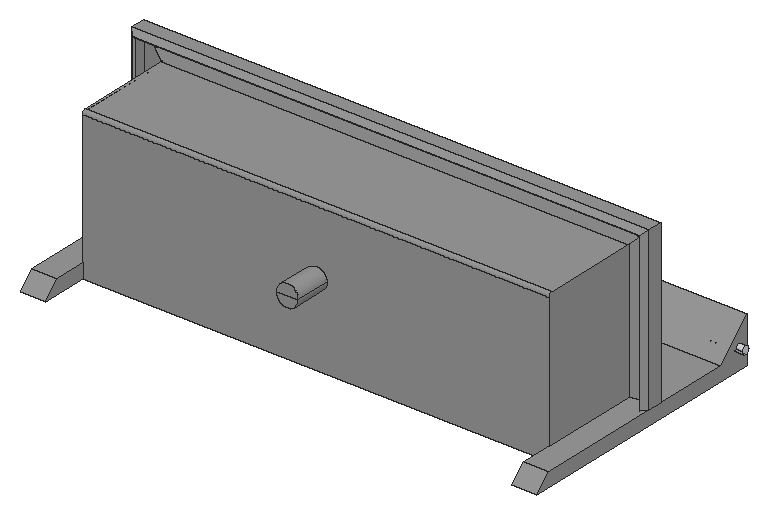
Revit family "Urinal-Willoughby-1800-UW-FA-RS", category Plumbing Fixtures, Revit 2015
Parameters (values of type "1836")
  Width = 3' - 0"
  Waste DIA = 1 1/2"
  Waste Connection = yes
  Vent Connection = no
  URL = "willoughby-ind.com"
  Trough Width = Width - 0' 3 1/2"  # 2' - 8 1/2"
  Revision = "A"
  Model = "UW-1836-FA-RS"
  Manufacturer = "Willoughby Industries"
  Half Width = Width / 2  # 1' - 6"
  HW Connection = no
  Fixture Body = Stainless Steel AISI 304-Willoughby(3)
  Description = "36\" Trough Urinal Right Spud"
  Default Elevation = 0' - 0"
  Contact = "800-428-4065"
  CW inlet Diameter = 3/4"
  CW Connection = yes
  96" = no
  72" = no
  60" = no
  48" = no
  36" = yes
Types (6): name | Width | Trough Width | Model | Half Width | Fixture Body | Description | CW inlet Diameter | 96" | 72" | 60" | 48" | 36"
  (no name) | 3' - 0" | 2' - 8 1/2" | "UW-1836-FA-RS" | 1' - 6" | Stainless Steel AISI 304-Willoughby(3) | "36\" Trough Urinal Right Spud" | 3/4" | no | no | no | no | yes
  1848 | 4' - 0" | 3' - 8 1/2" | "UW-1836-FA-RS" | 2' - 0" | Stainless Steel AISI 304-Willoughby(2) | "48\" Trough Urinal Right Spud" | 3/4" | no | no | no | yes | no
  1836 | 3' - 0" | 2' - 8 1/2" | "UW-1836-FA-RS" | 1' - 6" | Stainless Steel AISI 304-Willoughby(3) | "36\" Trough Urinal Right Spud" | 3/4" | no | no | no | no | yes
  1860 | 5' - 0" | 4' - 8 1/2" | "UW-1836-FA-RS" | 2' - 6" | Stainless Steel AISI 304-Willoughby(1) | "60\" Trough Urinal Right Spud" | 3/4" | no | no | yes | no | no
  1872 | 6' - 0" | 5' - 8 1/2" | "UW-1836-FA-RS" | 3' - 0" | Stainless Steel AISI 304-Willoughby | "72\" Trough Urinal Right Spud" | 1 1/2" | no | yes | no | no | no
  1896 | 8' - 0" | 7' - 8 1/2" | "UW-1836-FA-TS-RS" | 4' - 0" | Stainless Steel AISI 304-Willoughby(4) | "96\" Trough Urinal Right Spud" | 1 1/2" | yes | no | no | no | no
Reference planes (in)
  plane 1 "Center (Front/Back)Floor Level": y = 0
  plane 2: z = 0
  plane 3 "Center (Left/Right)": x = 0
  plane 4 "Top Of Urinal": y = 20
  plane 5 "Top Of Unit": y = 28
  plane 6 "Botto Of Unit": y = 13
  plane 7 "Left extent": x = -18
  plane 8 "Right Extent": x = 18
  plane 9: z = 10.5
  plane 10: x = 16.25
  plane 11: x = -16.25
  plane 12 "Drain Center": z = 5.75
  plane 13 "top spud": z = 2.5
  plane 14: x = -16.15625
  plane 15: x = 19
Forms (in)
  Extrusion 1, solid, material "Stainless Steel AISI 304-Willoughby(3)" <- "Fixture Body"
    sketch origin (0, 0, 0) x (0, 1, 0) y (0, 0, 1)
      loop
        line (13, 0) -> (28, 0) -> (28, 3.25) -> (25.75, 1) -> (13, 1) -> (13, 0)
    from -18 to 18
  Extrusion 2, solid, material "Stainless Steel AISI 304-Willoughby(3)" <- "Fixture Body"
    sketch origin (0, 0, 0) x (0, 1, 0) y (0, 0, 1)
      loop
        line (20, 1) -> (20, 10.5) -> (13.25, 10.5)
        arc (13.25, 10.5) -> (13.07322, 10.42678) -> (13, 10.25) r 0.25
        line (13, 10.25) -> (13, 1) -> (20, 1)
    from -16.25 to 16.25
  Sweep 3, solid, material "Stainless Steel AISI 304-Willoughby(3)" <- "Fixture Body", detail levels medium+fine
    path origin (0, 20, 0) x (-1, 0, 0) y (0, 0, 1)
      loop
        line (-16.25, 1) -> (-16.25, 10.5) -> (16.25, 10.5) -> (16.25, 1)
    profile origin (16.25, 20, 5.75) x (1, 0, 0) y (0, 1, 0)
      loop
        line (0, 0) -> (0, -0.09706) -> (1.65625, 0.34673) -> (1.65625, -0.49226) -> (1.33016, -0.81835) -> (1.39645, -0.88464) -> (1.75, -0.53109) -> (1.75, 0.46891) -> (0, 0)
  Extrusion 4, void
    sketch origin (0, 0, 0) x (0, 1, 0) y (0, 0, 1)
      loop
        line (20, 10.45984) -> (13.36653, 10.45984)
        arc (13.36653, 10.45984) -> (13.18975, 10.38661) -> (13.11653, 10.20984) r 0.25
        line (13.11653, 10.20984) -> (13.11653, 1.06937) -> (20, 1.06937) -> (20, 10.45984)
    from -16.15625 to 16.1513
  Revolve 5, solid, material "Stainless Steel AISI 304-Willoughby(3)" <- "Fixture Body", detail levels medium+fine
    sketch origin (0, 0, 5.75) x (1, 0, 0) y (0, 1, 0)
      loop
        line (0, 13.11653) -> (0, 10.5) -> (0.75, 10.5) -> (0.75, 13.11653) -> (0, 13.11653)
      axis (0, 13.11653) -> (0, 10.5)
    angle from 0 to 360
  Extrusion 6, solid, material "Stainless Steel AISI 304-Willoughby(3)" <- "Fixture Body"
    sketch origin (0, 0, 0) x (0, 1, 0) y (0, 0, 1)
      loop
        line (13, 0) -> (13, 1) -> (10.75, 1) -> (9.75, 0) -> (13, 0)
    from -18 to -16.25
  Extrusion 7, solid, material "Stainless Steel AISI 304-Willoughby(3)" <- "Fixture Body"
    sketch origin (0, 0, 0) x (0, 1, 0) y (0, 0, 1)
      loop
        line (13, 1) -> (10.75, 1) -> (9.75, 0) -> (13, 0) -> (13, 1)
    from 16.25 to 18
  Extrusion 8, solid
    sketch origin (0, 0, 0) x (0, 1, 0) y (0, 0, 1)
      loop
        circle (27.25, 1.5) r 0.25
    from 16 to 18.49951
Cuts and joins
  Extrusion 4 cuts Extrusion 2
  joined: Extrusion 1, Extrusion 2, Extrusion 6, Extrusion 7
  Extrusion 4 cuts Sweep 3
Lines and regions (in)
  symbolic lines
    curve 1: line (-16.25, 9.75, 2.5) -> (-18, 9.75, 2.5)
    curve 2: line (-18, 9.75, 2.5) -> (-18, 28, 2.5)
    curve 3: line (-18, 28, 2.5) -> (18, 28, 2.5)
    curve 4: line (18, 28, 2.5) -> (18, 9.75, 2.5)
    curve 5: line (18, 9.75, 2.5) -> (16.25, 9.75, 2.5)
    curve 6: line (16.25, 9.75, 2.5) -> (16.25, 13, 2.5)
    curve 7: line (16.25, 13, 2.5) -> (-16.25, 13, 2.5)
    curve 8: line (-16.25, 13, 2.5) -> (-16.25, 20, 2.5)
    curve 9: line (-16.25, 20, 2.5) -> (16.25, 20, 2.5)
    curve 10: line (16.25, 20, 2.5) -> (16.25, 13, 2.5)
    curve 17: line (-16.25, 13, 2.5) -> (-16.25, 9.75, 2.5)
    curve 20: line (-18, 20, 0) -> (18, 20, 0)
    curve 21: line (18, 20, 0) -> (18, 20, 12.25)
    curve 22: line (18, 20, 12.25) -> (-18, 20, 12.25)
    curve 23: line (-18, 20, 12.25) -> (-18, 20, 0)
    curve 29: line (0, 9.75, 0) -> (0, 28, 0)
    curve 30: line (0, 28, 0) -> (0, 28, 3.25)
    curve 31: line (0, 28, 3.25) -> (0, 25.75, 1)
    curve 32: line (0, 25.75, 1) -> (0, 10.75, 1)
    curve 33: line (0, 10.75, 1) -> (0, 9.75, 0)
    curve 34: line (0, 20, 1) -> (0, 20, 10.5)
    curve 35: line (0, 20, 10.5) -> (0, 13.25, 10.5)
    curve 36: arc (0, 13.25, 10.5) -> (0, 13.07322, 10.42678) -> (0, 13, 10.25) r 0.25
    curve 37: line (0, 13, 10.25) -> (0, 13, 1)
  symbolic lines, detail levels fine
    curve 11: line (-17.64645, 19.11536, 2.5) -> (17.64645, 19.11536, 2.5)
    curve 12: line (17.64645, 19.11536, 2.5) -> (18, 19.46891, 2.5)
    curve 13: line (18, 20.46891, 2.5) -> (16.25, 20, 2.5)
    curve 14: line (-17.64645, 19.11536, 2.5) -> (-18, 19.46891, 2.5)
    curve 26: line (-16.25, 20, 1) -> (-16.25, 20, 10.5)
    curve 27: line (-16.25, 20, 10.5) -> (16.25, 20, 10.5)
    curve 28: line (16.25, 20, 10.5) -> (16.25, 20, 1)
    curve 42: line (0, 20.46891, 12.25) -> (0, 20, 10.5)
    curve 43: line (0, 19.46891, 12.25) -> (0, 19.46891, 1)
  symbolic lines, detail levels medium+fine
    curve 15: line (-18, 20.46891, 2.5) -> (18, 20.46891, 2.5)
    curve 16: line (-18, 25.75, 2.5) -> (18, 25.75, 2.5)
    curve 18: line (-16.25, 10.75, 2.5) -> (-18, 10.75, 2.5)
    curve 19: line (16.25, 10.75, 2.5) -> (18, 10.75, 2.5)
    curve 24: line (-18, 20, 1) -> (18, 20, 1)
    curve 25: line (18, 20, 3.25) -> (-18, 20, 3.25)
    curve 38: line (0, 20.46891, 1) -> (0, 20.46891, 12.25)
    curve 39: line (0, 20.46891, 12.25) -> (0, 19.46891, 12.25)
    curve 40: line (0, 19.46891, 12.25) -> (0, 19.11536, 11.89645)
    curve 41: line (0, 19.11536, 11.89645) -> (0, 19.11536, 1)
Dimensions and locks (in)
  "Width": plane 7 "Left extent" to plane 8 "Right Extent"
  equal spacing: plane 7 "Left extent", plane 3 "Center (Left/Right)", plane 8 "Right Extent"
  plane 3 "Center (Left/Right)" to plane 8 "Right Extent" = 1' - 6"
  "Trough Width": plane 11 to plane 10
  equal spacing: plane 11, plane 3 "Center (Left/Right)", plane 10
  cut or joined group of Extrusion 1, Extrusion 2, Extrusion 4, Extrusion 6, Extrusion 7 to cut or joined group of Extrusion 1, Extrusion 2, Extrusion 4, Extrusion 6, Extrusion 7 = 0' - 1 3/4"
  locked: cut or joined group of Extrusion 1, Extrusion 2, Extrusion 4, Extrusion 6, Extrusion 7 to cut or joined group of Extrusion 1, Extrusion 2, Extrusion 4, Extrusion 6, Extrusion 7 at 0.0987
  plane 13 "top spud" to cut or joined group of Extrusion 1, Extrusion 2, Extrusion 4, Extrusion 6, Extrusion 7 = 0' - 0 3/4"
  cut or joined group of Extrusion 1, Extrusion 2, Extrusion 4, Extrusion 6, Extrusion 7 to cut or joined group of Extrusion 1, Extrusion 2, Extrusion 4, Extrusion 6, Extrusion 7 = 0' - 1 27/32"
  plane 11 to plane 14 = 0' - 0 3/32"
  locked: plane 8 "Right Extent" to plane 15 at 1
  diameter of Extrusion 8 sketch curve = 0' - 0 1/2"
  aligned and locked: Extrusion 1 to level
  aligned and locked: plane 5 "Top Of Unit" to Extrusion 1
  aligned and locked: Extrusion 1 to plane 6 "Botto Of Unit"
  aligned and locked: Extrusion 1 to plane 8 "Right Extent"
  aligned and locked: plane 7 "Left extent" to Extrusion 1
  aligned and locked: plane 9 to Extrusion 2
  aligned and locked: plane 4 "Top Of Urinal" to Extrusion 2
  aligned and locked: Extrusion 2 to Extrusion 1
  aligned and locked: Extrusion 2 to plane 6 "Botto Of Unit"
  aligned and locked: plane 10 to Extrusion 2
  aligned and locked: Extrusion 2 to plane 11
  aligned and locked: plane 4 "Top Of Urinal" to Extrusion 4
  aligned and locked: Extrusion 2 to cut or joined group of Sweep 3, Extrusion 4  (x2)
  aligned and locked: cut or joined group of Extrusion 1, Extrusion 2, Extrusion 4, Extrusion 6, Extrusion 7 to Revolve 5 sketch curve
  aligned and locked: Revolve 5 sketch curve to Revolve 5 sketch curve  (x2)
  aligned and locked: Extrusion 6 to level
  aligned and locked: plane 6 "Botto Of Unit" to Extrusion 6
  aligned and locked: Extrusion 6 to cut or joined group of Extrusion 1, Extrusion 2, Extrusion 4, Extrusion 6, Extrusion 7
  aligned and locked: plane 11 to Extrusion 6
  aligned and locked: plane 7 "Left extent" to Extrusion 6
  aligned and locked: Extrusion 7 to plane 8 "Right Extent"
  aligned and locked: Extrusion 7 to plane 10
  aligned and locked: curve 16 to cut or joined group of Extrusion 1, Extrusion 2, Extrusion 4, Extrusion 6, Extrusion 7
  aligned and locked: Extrusion 4 to plane 14
Automatic sketch dimensions
  Extrusion 1 sketch curve to level = 0' - 0"
  Extrusion 1 sketch curve to plane 6 "Botto Of Unit" = 0' - 0"
  Extrusion 1 sketch curve to plane 5 "Top Of Unit" = 0' - 0"
  level to Extrusion 1 sketch curve = 0' - 1"
  Extrusion 1 sketch curve to plane 5 "Top Of Unit" = 0' - 2 1/4"
  Extrusion 1 sketch curve to Extrusion 1 sketch curve = 0' - 2 1/4"
  Extrusion 2 sketch curve to plane 6 "Botto Of Unit" = 0' - 0"
  Extrusion 2 sketch curve to plane 9 = 0' - 0"
  Extrusion 2 sketch curve to plane 4 "Top Of Urinal" = 0' - 0"
  plane 6 "Botto Of Unit" to Extrusion 2 sketch curve = 0' - 0 1/4"
  level to Extrusion 2 sketch curve = 0' - 1"
  Sweep 3 sketch curve to plane 10 = 0' - 0"
  Sweep 3 sketch curve to plane 9 = 0' - 0"
  Sweep 3 sketch curve to plane 11 = 0' - 0"
  level to Sweep 3 sketch curve = 0' - 1"  (x2)
  Sweep 3 sketch curve to profile plane = 0' - 0"
  Sweep 3 sketch curve to plane 4 "Top Of Urinal" = 0' - 0"
  Sweep 3 sketch curve to profile plane = 0' - 1.33016"
  Sweep 3 sketch curve to plane 4 "Top Of Urinal" = 0' - 0.88464"
  Sweep 3 sketch curve to Sweep 3 sketch curve = 0' - 0.06629"
  plane 4 "Top Of Urinal" to Sweep 3 sketch curve = 0' - 0.34673"
  Sweep 3 sketch curve to Sweep 3 sketch curve = 0' - 0.32609"
  Sweep 3 sketch curve to plane 4 "Top Of Urinal" = 0' - 0.53109"
  Sweep 3 sketch curve to Sweep 3 sketch curve = 0' - 0 3/32"
  Sweep 3 sketch curve to Sweep 3 sketch curve = 0' - 0.12218"
  Sweep 3 sketch curve to Sweep 3 sketch curve = 0' - 0.09706"
  Extrusion 4 sketch curve to plane 4 "Top Of Urinal" = 0' - 0"
  plane 6 "Botto Of Unit" to Extrusion 4 sketch curve = 0' - 0.36653"
  plane 6 "Botto Of Unit" to Extrusion 4 sketch curve = 0' - 0.11653"
  level to Extrusion 4 sketch curve = 0' - 1.06937"
  Extrusion 4 sketch curve to plane 9 = 0' - 0.29016"
  Revolve 5 sketch curve to plane 3 "Center (Left/Right)" = 0' - 0"
  Revolve 5 sketch curve to Revolve 5 sketch curve = 0' - 0 3/4"
  Revolve 5 sketch curve to plane 6 "Botto Of Unit" = 0' - 2 1/2"
  Revolve 5 sketch curve to Revolve 5 sketch curve = 0' - 0"
  Extrusion 6 sketch curve to level = 0' - 0"
  Extrusion 6 sketch curve to plane 6 "Botto Of Unit" = 0' - 0"
  level to Extrusion 6 sketch curve = 0' - 1"
  Extrusion 6 sketch curve to plane 6 "Botto Of Unit" = 0' - 2 1/4"
  Extrusion 6 sketch curve to Extrusion 6 sketch curve = 0' - 1"
  Extrusion 7 sketch curve to level = 0' - 0"
  Extrusion 7 sketch curve to plane 6 "Botto Of Unit" = 0' - 0"
  Extrusion 7 sketch curve to Extrusion 7 sketch curve = 0' - 1"  (x2)
  Extrusion 7 sketch curve to plane 6 "Botto Of Unit" = 0' - 2 1/4"
  curve 18 to plane 7 "Left extent" = 0' - 0"
  curve 17 to plane 6 "Botto Of Unit" = 0' - 0"
  curve 17 to plane 11 = 0' - 0"
  curve 10 to plane 4 "Top Of Urinal" = 0' - 0"
  curve 19 to plane 10 = 0' - 0"
  curve 15 to plane 8 "Right Extent" = 0' - 0"
  curve 3 to plane 5 "Top Of Unit" = 0' - 0"
  curve 14 to plane 7 "Left extent" = 0' - 0.35355"
  plane 8 "Right Extent" to curve 12 = 0' - 0.35355"
  curve 4 to plane 6 "Botto Of Unit" = 0' - 3 1/4"
  curve 17 to curve 7 = 0' - 3 1/4"
  curve 14 to plane 4 "Top Of Urinal" = 0' - 0.88464"
  plane 4 "Top Of Urinal" to curve 15 = 0' - 0.46891"
  curve 4 to curve 19 = 0' - 1"
  curve 1 to curve 18 = 0' - 1"
  curve 11 to curve 12 = 0' - 0.35355"
  curve 11 to curve 14 = 0' - 0.35355"
  curve 20 to level = 0' - 0"
  plane 8 "Right Extent" to curve 20 = 0' - 0"
  curve 28 to plane 9 = 0' - 0"
  curve 28 to plane 10 = 0' - 0"
  curve 27 to plane 11 = 0' - 0"
  plane 7 "Left extent" to curve 24 = 0' - 0"
  plane 9 to curve 22 = 0' - 1 3/4"
  level to curve 24 = 0' - 1"
  plane 13 "top spud" to curve 25 = 0' - 0 3/4"
  curve 29 to level = 0' - 0"
  curve 37 to plane 6 "Botto Of Unit" = 0' - 0"
  curve 35 to plane 9 = 0' - 0"
  curve 34 to plane 4 "Top Of Urinal" = 0' - 0"
  curve 29 to plane 5 "Top Of Unit" = 0' - 0"
  level to curve 32 = 0' - 1"
  curve 32 to plane 6 "Botto Of Unit" = 0' - 2 1/4"
  curve 33 to curve 32 = 0' - 1"
  plane 6 "Botto Of Unit" to curve 35 = 0' - 0 1/4"
  curve 41 to plane 4 "Top Of Urinal" = 0' - 0.88464"
  curve 40 to curve 40 = 0' - 0.35355"
  plane 4 "Top Of Urinal" to curve 39 = 0' - 0.46891"
  curve 31 to plane 5 "Top Of Unit" = 0' - 2 1/4"
  plane 13 "top spud" to curve 31 = 0' - 0 3/4"
  plane 9 to curve 40 = 0' - 1.39645"
  curve 40 to curve 39 = 0' - 0.35355"
  Extrusion 8 sketch curve to plane 5 "Top Of Unit" = 0' - 0 3/4"
  Extrusion 8 sketch curve to plane 13 "top spud" = 0' - 1"
Connectors (in)
  piping at (0, 10.5, 5.75), diameter 1.5, driven by "Waste DIA", driven by "Waste Connection"
    settings: on Revolve 5, index 1, connector inside diameter 24", connector length 0' - 0", flow factor 0, pipe flow 0 GPM, pressure drop 0.00 psi, fitting loss kfactor 0, connector angle 0.00°, fixture units 0, engagement length 0' - 0", angle of deflection 0.00°, flow configuration 0, flow direction 2, fitting loss method 0, system type 16, joint type 0, gender type 0, connector reference index -1, connector utility 1, adjustable connector no, is connector primary yes, connector description "Urinal Waste"
  piping at (18.49951, 27.25, 1.5), diameter 0.75, driven by "CW inlet Diameter"
    settings: on Extrusion 8, index 2, connector inside diameter 24", connector length 0' - 0", flow factor 0, pipe flow 0 GPM, pressure drop 0.00 psi, fitting loss kfactor 0, connector angle 0.00°, fixture units 0, engagement length 0' - 0", angle of deflection 0.00°, flow configuration 0, flow direction 0, fitting loss method 0, system type 7, joint type 0, gender type 0, connector reference index -1, connector utility 0, adjustable connector no, is connector primary no, connector description ""
